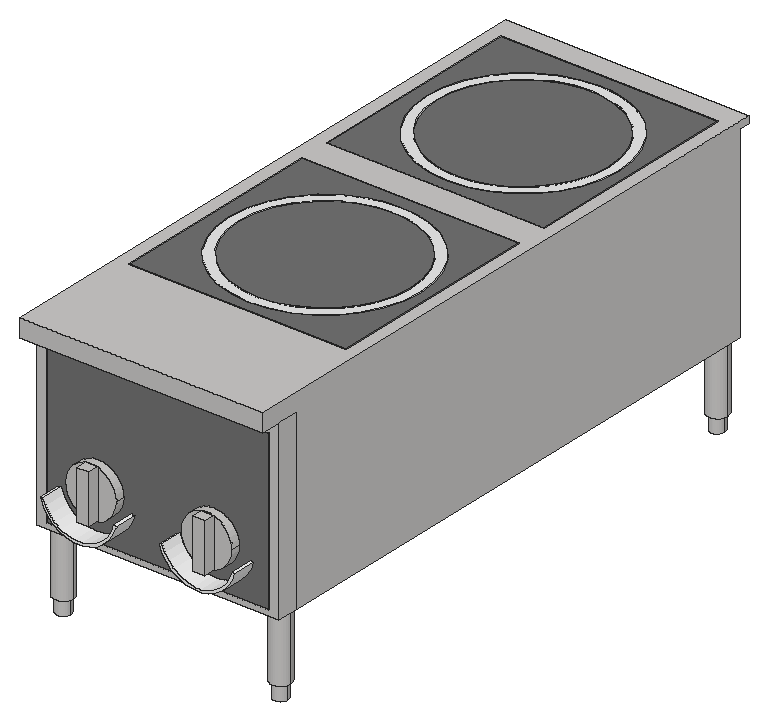
Revit family "QF_Vollrath_912HIMC", category Specialty Equipment, Revit 2016
Family settings
  Part Type = Normal
  Round Connector Dimension = Use Diameter
  OmniClass Number = 23.40.40.11.21
  OmniClass Title = Hot Cabinets
  Work Plane-Based = No
  Always vertical = Yes
  Cut with Voids When Loaded = No
  Shared = No
  Room Calculation Point = No
Parameters (values of type "240V")
  Weight in Pounds = 47
  Watts = 5800 W
  Watermarked By = "http://revitwatermark.com"
  Volts = 240 V
  URL Cutsheet = ""
  URL = "www.vollrathco.com"
  Status [instance] = ""
  Specification by User [instance] = ""
  Specification by Manufacturer = ""
  Serial Number [instance] = ""
  Seismic Rating [instance] = ""
  Revision Code [instance] = ""
  Phase = 1
  Number of Poles [instance] = 1
  NAFEM Spec ID Number [instance] = ""
  Model = "912HIMC"
  Masterspec = ""
  Manufacturer = "Vollrath"
  Item Number [instance] = ""
  Installed By [instance] = ""
  Height AFF [instance] = 36.00"
  Furnished By [instance] = ""
  Foodservice Equipment Identifier [instance] = yes
  FL Amps = 24 A
  Electrical Remarks [instance] = "DEDICATED CIRCUIT"
  Electric Connection Type [instance] = ""
  Elec Conn RI Height [instance] = 0.00"
  Elec Conn Connection Height = 6.00"
  Description = "Induction Hot Plate"
  Cycle = 60 Hz
  Conn Plug = "NEMA 6-30P"
  CSI MasterFormat = "11 42 13"
  Assembly Code = "E1090320"
  Apparent Power = if(Phase = 3, Volts * FL Amps * 1.73, Volts * FL Amps)  # 5760 VA
Types (2): name | Watts | Volts | Apparent Power
  208V | 5000 W | 208 V | 4992 VA
  240V | 5800 W | 240 V | 5760 VA
Reference planes (in)
  plane 1: z = 0
  plane 2 "LEFT": x = 48
  plane 3 "BACK": y = -48
  plane 4 "BOTTOM": z = 36
  plane 5 "RIGHT": x = 60
  plane 6 "FRONT": y = -78
  plane 7: z = 26.5796
  plane 8 "TOP": z = 49.625
  plane 9: y = -47.5
  plane 10: x = 56.69695
  plane 11: x = 60.5
  plane 12: x = 47.5
  plane 13: y = -48.5
  plane 14: y = -77
  plane 15: x = 48.5
  plane 16: x = 59.5
  plane 17: z = 36.75
  plane 18: z = 40
  plane 19: x = 59.37
  plane 20: x = 48.63
  plane 21: z = 48.75
  plane 22: z = 48.11159
  plane 23: x = 49.29917
  plane 24: x = 58.62
  plane 25: z = 40.28782
  plane 26: y = -49.08388
  plane 27: y = -59.83388
  plane 28: z = 49.26188
  plane 29: z = 37.31
  plane 30: x = 49
Forms (in)
  Extrusion 1, solid, material "QF_Finishes_Stainless Steel", not visible
    sketch origin (0, -75.61667, 13.94238) x (-1, 0, 0) y (0, 0.422618, 0.906308)
      loop
        line (-61.50401, 16.83949) -> (-49.55058, 16.83949) -> (-49.55058, 21.54291) -> (-61.50401, 21.54291) -> (-61.50401, 16.83949)
      loop
        circle (-51.11798, 19.07879) r 1.25
      loop
        circle (-51.11798, 19.07879) r 1
      loop
        line (-54.03077, 21.06689) -> (-57.03077, 21.06689) -> (-57.03077, 20.31689) -> (-54.03077, 20.31689) -> (-54.03077, 21.06689)
      loop
        circle (-54.03077, 17.5068) r 0.25
      loop
        circle (-56.78077, 17.5068) r 0.25
    from 0 to 0.68909
  Extrusion 2, solid, material "QF_Finishes_Black", not visible
    sketch origin (0, -75.54289, 2.05167) x (-1, 0, 0) y (0, 0.422618, 0.906308)
      loop
        circle (-51.11798, 29.82425) r 1.25
      loop
        circle (-51.11798, 29.82425) r 1
    from -5.0921 to -4.40301
  Extrusion 3, solid, material "QF_Finishes_Black", not visible
    sketch origin (0, -75.78725, 14.03463) x (-1, 0, 0) y (0, 0.406737, 0.913545)
      loop
        line (-57.03077, 21.03676) -> (-57.03077, 20.35703) -> (-54.03077, 20.35703) -> (-54.03077, 21.03676) -> (-57.03077, 21.03676)
      loop
        circle (-54.03077, 17.5068) r 0.25
      loop
        circle (-56.78077, 17.5068) r 0.25
    from 0.54411 to 1.25
  Extrusion 4, solid, material "QF_Finishes_Dark Grey", not visible
    sketch origin (0, -70.09177, 5.66795) x (-1, 0, 0) y (0, 0.422618, 0.906308)
      loop
        circle (-52.11896, 26.29929) r 0.25
      loop
        circle (-53.36896, 26.29929) r 0.25
      loop
        circle (-54.61896, 26.29929) r 0.25
      loop
        circle (-55.86896, 26.29929) r 0.25
      loop
        circle (-57.11896, 26.29929) r 0.25
      loop
        circle (-58.36896, 26.29929) r 0.25
    from 7.45399 to 7.92109
  Extrusion 5, solid, material "QF_Finishes_Stainless Steel", not visible
    sketch origin (0, -61.5, 0) x (-1, 0, 0) y (0, 0, 1)
      loop
        circle (-49.14244, 32.63817) r 0.1236
    from 0 to 12
  Extrusion 6, solid, material "QF_Finishes_Stainless Steel", not visible
    sketch origin (24.25, -61.5, 0) x (-1, 0, 0) y (0, 0, 1)
      loop
        circle (-49.14244, 32.63817) r 0.1236
    from 0 to 12
  Extrusion 7, solid, material "QF_Finishes_Stainless Steel", not visible
    sketch origin (0.75781, -61.5, 0) x (-1, 0, 0) y (0, 0, 1)
      loop
        circle (-49.14244, 32.63817) r 0.1236
    from 0 to 12
  Extrusion 8, solid, material "QF_Finishes_Stainless Steel", not visible
    sketch origin (1.51562, -61.5, 0) x (-1, 0, 0) y (0, 0, 1)
      loop
        circle (-49.14244, 32.63817) r 0.1236
    from 0 to 12
  Extrusion 9, solid, material "QF_Finishes_Stainless Steel", not visible
    sketch origin (2.27344, -61.5, 0) x (-1, 0, 0) y (0, 0, 1)
      loop
        circle (-49.14244, 32.63817) r 0.1236
    from 0 to 12
  Extrusion 10, solid, material "QF_Finishes_Stainless Steel", not visible
    sketch origin (3.03125, -61.5, 0) x (-1, 0, 0) y (0, 0, 1)
      loop
        circle (-49.14244, 32.63817) r 0.1236
    from 0 to 12
  Extrusion 11, solid, material "QF_Finishes_Stainless Steel", not visible
    sketch origin (3.78906, -61.5, 0) x (-1, 0, 0) y (0, 0, 1)
      loop
        circle (-49.14244, 32.63817) r 0.1236
    from 0 to 12
  Extrusion 12, solid, material "QF_Finishes_Stainless Steel", not visible
    sketch origin (4.54687, -61.5, 0) x (-1, 0, 0) y (0, 0, 1)
      loop
        circle (-49.14244, 32.63817) r 0.1236
    from 0 to 12
  Extrusion 13, solid, material "QF_Finishes_Stainless Steel", not visible
    sketch origin (5.30469, -61.5, 0) x (-1, 0, 0) y (0, 0, 1)
      loop
        circle (-49.14244, 32.63817) r 0.1236
    from 0 to 12
  Extrusion 14, solid, material "QF_Finishes_Stainless Steel", not visible
    sketch origin (6.0625, -61.5, 0) x (-1, 0, 0) y (0, 0, 1)
      loop
        circle (-49.14244, 32.63817) r 0.1236
    from 0 to 12
  Extrusion 15, solid, material "QF_Finishes_Stainless Steel", not visible
    sketch origin (6.82031, -61.5, 0) x (-1, 0, 0) y (0, 0, 1)
      loop
        circle (-49.14244, 32.63817) r 0.1236
    from 0 to 12
  Extrusion 16, solid, material "QF_Finishes_Stainless Steel", not visible
    sketch origin (7.57812, -61.5, 0) x (-1, 0, 0) y (0, 0, 1)
      loop
        circle (-49.14244, 32.63817) r 0.1236
    from 0 to 12
  Extrusion 17, solid, material "QF_Finishes_Stainless Steel", not visible
    sketch origin (8.33594, -61.5, 0) x (-1, 0, 0) y (0, 0, 1)
      loop
        circle (-49.14244, 32.63817) r 0.1236
    from 0 to 12
  Extrusion 18, solid, material "QF_Finishes_Stainless Steel", not visible
    sketch origin (9.09375, -61.5, 0) x (-1, 0, 0) y (0, 0, 1)
      loop
        circle (-49.14244, 32.63817) r 0.1236
    from 0 to 12
  Extrusion 19, solid, material "QF_Finishes_Stainless Steel", not visible
    sketch origin (9.85156, -61.5, 0) x (-1, 0, 0) y (0, 0, 1)
      loop
        circle (-49.14244, 32.63817) r 0.1236
    from 0 to 12
  Extrusion 20, solid, material "QF_Finishes_Stainless Steel", not visible
    sketch origin (10.60937, -61.5, 0) x (-1, 0, 0) y (0, 0, 1)
      loop
        circle (-49.14244, 32.63817) r 0.1236
    from 0 to 12
  Extrusion 21, solid, material "QF_Finishes_Stainless Steel", not visible
    sketch origin (11.36719, -61.5, 0) x (-1, 0, 0) y (0, 0, 1)
      loop
        circle (-49.14244, 32.63817) r 0.1236
    from 0 to 12
  Extrusion 22, solid, material "QF_Finishes_Stainless Steel", not visible
    sketch origin (12.125, -61.5, 0) x (-1, 0, 0) y (0, 0, 1)
      loop
        circle (-49.14244, 32.63817) r 0.1236
    from 0 to 12
  Extrusion 23, solid, material "QF_Finishes_Stainless Steel", not visible
    sketch origin (12.88281, -61.5, 0) x (-1, 0, 0) y (0, 0, 1)
      loop
        circle (-49.14244, 32.63817) r 0.1236
    from 0 to 12
  Extrusion 24, solid, material "QF_Finishes_Stainless Steel", not visible
    sketch origin (13.64062, -61.5, 0) x (-1, 0, 0) y (0, 0, 1)
      loop
        circle (-49.14244, 32.63817) r 0.1236
    from 0 to 12
  Extrusion 25, solid, material "QF_Finishes_Stainless Steel", not visible
    sketch origin (14.39844, -61.5, 0) x (-1, 0, 0) y (0, 0, 1)
      loop
        circle (-49.14244, 32.63817) r 0.1236
    from 0 to 12
  Extrusion 26, solid, material "QF_Finishes_Stainless Steel", not visible
    sketch origin (15.15625, -61.5, 0) x (-1, 0, 0) y (0, 0, 1)
      loop
        circle (-49.14244, 32.63817) r 0.1236
    from 0 to 12
  Extrusion 27, solid, material "QF_Finishes_Stainless Steel", not visible
    sketch origin (15.91406, -61.5, 0) x (-1, 0, 0) y (0, 0, 1)
      loop
        circle (-49.14244, 32.63817) r 0.1236
    from 0 to 12
  Extrusion 28, solid, material "QF_Finishes_Stainless Steel", not visible
    sketch origin (16.67187, -61.5, 0) x (-1, 0, 0) y (0, 0, 1)
      loop
        circle (-49.14244, 32.63817) r 0.1236
    from 0 to 12
  Extrusion 29, solid, material "QF_Finishes_Stainless Steel", not visible
    sketch origin (17.42969, -61.5, 0) x (-1, 0, 0) y (0, 0, 1)
      loop
        circle (-49.14244, 32.63817) r 0.1236
    from 0 to 12
  Extrusion 30, solid, material "QF_Finishes_Stainless Steel", not visible
    sketch origin (18.1875, -61.5, 0) x (-1, 0, 0) y (0, 0, 1)
      loop
        circle (-49.14244, 32.63817) r 0.1236
    from 0 to 12
  Extrusion 31, solid, material "QF_Finishes_Stainless Steel", not visible
    sketch origin (18.94531, -61.5, 0) x (-1, 0, 0) y (0, 0, 1)
      loop
        circle (-49.14244, 32.63817) r 0.1236
    from 0 to 12
  Extrusion 32, solid, material "QF_Finishes_Stainless Steel", not visible
    sketch origin (19.70312, -61.5, 0) x (-1, 0, 0) y (0, 0, 1)
      loop
        circle (-49.14244, 32.63817) r 0.1236
    from 0 to 12
  Extrusion 33, solid, material "QF_Finishes_Stainless Steel", not visible
    sketch origin (20.46094, -61.5, 0) x (-1, 0, 0) y (0, 0, 1)
      loop
        circle (-49.14244, 32.63817) r 0.1236
    from 0 to 12
  Extrusion 34, solid, material "QF_Finishes_Stainless Steel", not visible
    sketch origin (21.21875, -61.5, 0) x (-1, 0, 0) y (0, 0, 1)
      loop
        circle (-49.14244, 32.63817) r 0.1236
    from 0 to 12
  Extrusion 35, solid, material "QF_Finishes_Stainless Steel", not visible
    sketch origin (21.97656, -61.5, 0) x (-1, 0, 0) y (0, 0, 1)
      loop
        circle (-49.14244, 32.63817) r 0.1236
    from 0 to 12
  Extrusion 36, solid, material "QF_Finishes_Stainless Steel", not visible
    sketch origin (22.73437, -61.5, 0) x (-1, 0, 0) y (0, 0, 1)
      loop
        circle (-49.14244, 32.63817) r 0.1236
    from 0 to 12
  Extrusion 37, solid, material "QF_Finishes_Stainless Steel", not visible
    sketch origin (23.49219, -61.5, 0) x (-1, 0, 0) y (0, 0, 1)
      loop
        circle (-49.14244, 32.63817) r 0.1236
    from 0 to 12
  Extrusion 38, solid, material "QF_Finishes_Stainless Steel", not visible
    sketch origin (0, -63.31853, -5.50809) x (1, 0, 0) y (0, 0.5, 0.866025)
      loop
        line (47.2877, 27.93) -> (47.2877, 25.68) -> (63.33689, 25.68) -> (63.33689, 27.93) -> (47.2877, 27.93)
      loop
        line (47.47803, 27.77623) -> (47.47803, 25.78901) -> (63.1877, 25.78901) -> (63.1877, 27.77623) -> (47.47803, 27.77623)
    from 18.14569 to 18.5
  Extrusion 39, solid, material "QF_Finishes_Stainless Steel", not visible
    sketch origin (0, -63.31853, -5.50809) x (1, 0, 0) y (0, 0.5, 0.866025)
      loop
        line (47.2877, 27.77623) -> (47.2877, 25.78901) -> (63.1877, 25.78901) -> (63.1877, 27.77623) -> (47.2877, 27.77623)
      loop
        line (47.47803, 27.66901) -> (47.47803, 25.91901) -> (63.08313, 25.91901) -> (63.08313, 27.66901) -> (47.47803, 27.66901)
    from 18.14569 to 18.5
  Extrusion 40, solid, material "QF_Finishes_Stainless Steel", not visible
    sketch origin (3, -63.31853, -5.50809) x (1, 0, 0) y (0, 0.5, 0.866025)
      loop
        line (55.07331, 27.05441) -> (55.07331, 26.55441) -> (56.82331, 26.55441) -> (56.82331, 27.05441) -> (55.07331, 27.05441)
      loop
        circle (53.94695, 26.80981) r 0.25
      loop
        circle (57.87771, 26.79276) r 0.25
      loop
        circle (59.12771, 26.79276) r 0.25
    from 18.14569 to 18.5
  Extrusion 41, solid, material "QF_Finishes_Stainless Steel", not visible
    sketch origin (0, -63.31853, -5.50809) x (1, 0, 0) y (0, 0.5, 0.866025)
      loop
        circle (56.94695, 26.80981) r 0.25
      loop
        circle (60.87771, 26.79276) r 0.25
      loop
        line (58.07331, 27.05441) -> (58.07331, 26.55441) -> (59.82331, 26.55441) -> (59.82331, 27.05441) -> (58.07331, 27.05441)
      loop
        circle (62.12771, 26.79276) r 0.25
    from 18.14569 to 18.5
  Extrusion 42, solid, material "QF_Finishes_Dark Grey", not visible
    sketch origin (0, -63.81619, -5.29253) x (1, 0, 0) y (0, 0.5, 0.866025)
      loop
        line (47.47803, 25.98116) -> (63.08313, 25.98116) -> (63.08313, 27.73116) -> (47.47803, 27.73116) -> (47.47803, 25.98116)
      loop
        circle (62.11833, 26.8549) r 0.25
      loop
        circle (60.86833, 26.8549) r 0.25
      loop
        line (59.81393, 26.61655) -> (59.81393, 27.11655) -> (58.06393, 27.11655) -> (58.06393, 26.61655) -> (59.81393, 26.61655)
      loop
        circle (56.93757, 26.87196) r 0.25
    from 17.96123 to 17.60693
  Extrusion 43, solid, material "QF_Finishes_Stainless Steel", not visible
    sketch origin (-4.5, -63.31853, -5.50809) x (1, 0, 0) y (0, 0.5, 0.866025)
      loop
        line (55.07331, 27.05441) -> (55.07331, 26.55441) -> (56.82331, 26.55441) -> (56.82331, 27.05441) -> (55.07331, 27.05441)
      loop
        circle (53.94695, 26.80981) r 0.25
      loop
        circle (57.87771, 26.79276) r 0.25
      loop
        circle (59.12771, 26.79276) r 0.25
    from 18.14569 to 18.5
  Extrusion 44, solid, material "QF_Finishes_Stainless Steel", not visible
    sketch origin (-7.5, -63.31853, -5.50809) x (1, 0, 0) y (0, 0.5, 0.866025)
      loop
        circle (56.94695, 26.80981) r 0.25
      loop
        circle (60.87771, 26.79276) r 0.25
      loop
        line (58.07331, 27.05441) -> (58.07331, 26.55441) -> (59.82331, 26.55441) -> (59.82331, 27.05441) -> (58.07331, 27.05441)
      loop
        circle (62.12771, 26.79276) r 0.25
    from 18.14569 to 18.76495
  Extrusion 45, solid, material "QF_Finishes_Stainless Steel"
    sketch origin (0.13, -0.63, 0) x (1, 0, 0) y (0, 1, 0)
      loop
        circle (48.5, -48.5) r 0.5
    from 40 to 36.75
  Extrusion 46, solid, material "QF_Finishes_Stainless Steel"
    sketch origin (0.13, 27.62, 0) x (1, 0, 0) y (0, 1, 0)
      loop
        circle (48.5, -76.75) r 0.35
    from 36.75 to 36
  Extrusion 47, solid, material "QF_Finishes_Dark Grey"
    sketch origin (0, -48, 0) x (1, 0, 0) y (0, 0, 1)
      loop
        line (48.5, 48.11159) -> (48.5, 40.28782) -> (59.5, 40.28782) -> (59.5, 48.11159) -> (48.5, 48.11159)
      loop
        circle (56.77195, 42.59648) r 1.25
      loop
        circle (51.05266, 42.72721) r 1.25
    from 28 to 29
  Extrusion 48, solid, material "QF_Finishes_Stainless Steel"
    sketch origin (48, 0, 0) x (0, 1, 0) y (0, 0, 1)
      loop
        line (-76, 49.26188) -> (-78, 49.26188) -> (-78, 48.75) -> (-76, 48.75) -> (-76, 49.26188)
    from 0 to 12
  Extrusion 49, solid, material "QF_Finishes_Stainless Steel"
    sketch origin (0, 0, 0) x (1, 0, 0) y (0, 1, 0)
      loop
        line (60, -48) -> (48, -48) -> (48, -78) -> (60, -78) -> (60, -48)
      loop
        line (48.63, -49.08388) -> (48.63, -59.83388) -> (59.37, -59.83388) -> (59.37, -49.08388) -> (48.63, -49.08388)
      loop
        line (48.63, -61.36797) -> (48.63, -72.08388) -> (59.37, -72.08388) -> (59.37, -61.36797) -> (48.63, -61.36797)
    from 49.26188 to 49.625
  Extrusion 50, solid, material "QF_Finishes_Stainless Steel"
    sketch origin (0, -48, 0) x (1, 0, 0) y (0, 0, 1)
      loop
        circle (51.05266, 42.72721) r 1.25
      loop
        circle (56.77195, 42.59648) r 1.25
    from 29 to 29.43796
  Extrusion 51, solid, material "QF_Finishes_Stainless Steel"
    sketch origin (0, -48, 0) x (1, 0, 0) y (0, 0, 1)
      loop
        line (50.81135, 43.97614) -> (50.81135, 41.54865) -> (51.39731, 41.54865) -> (51.39731, 43.97614) -> (50.81135, 43.97614)
      loop
        line (56.53635, 43.82407) -> (56.53635, 41.39658) -> (57.12231, 41.39658) -> (57.12231, 43.82407) -> (56.53635, 43.82407)
    from 29.43796 to 30
  Sweep 52, solid, material "QF_Finishes_Chrome"
    path origin (-1.5, -48, 0) x (1, 0, 0) y (0, 0, 1)
      loop
        arc (50.59258, 42.10378) -> (52.46758, 40.66857) -> (54.34258, 42.10378) r 1.94238
    profile origin (50.96758, -48, 40.66857) x (0, 0, 1) y (0, -1, 0)
      loop
        line (0, 29) -> (0.12046, 29) -> (0.12046, 30.11132) -> (0, 30.11132) -> (0, 29)
  Sweep 53, solid, material "QF_Finishes_Chrome"
    path origin (8.27756, -48, 0) x (1, 0, 0) y (0, 0, 1)
      loop
        arc (46.69258, 42.10378) -> (48.56758, 40.66857) -> (50.44258, 42.10378) r 1.94238
    profile origin (56.84514, -48, 40.66857) x (0, 0, 1) y (0, -1, 0)
      loop
        line (0, 29) -> (0.12046, 29) -> (0.12046, 30.11132) -> (0, 30.11132) -> (0, 29)
  Extrusion 54, solid, material "QF_Finishes_Dark Grey"
    sketch origin (0, 0, 0) x (1, 0, 0) y (0, 1, 0)
      loop
        line (48.63, -49.08388) -> (48.63, -59.83388) -> (59.37, -59.83388) -> (59.37, -49.08388) -> (48.63, -49.08388)
      loop
        line (48.63, -61.36797) -> (48.63, -72.08388) -> (59.37, -72.08388) -> (59.37, -61.36797) -> (48.63, -61.36797)
      loop
        circle (54.07471, -54.51988) r 4.75
      loop
        circle (54.07471, -54.51988) r 4.25
      loop
        circle (54.07471, -66.76988) r 4.75
      loop
        circle (54.07471, -66.76988) r 4.25
    from 49.26188 to 49.625
  Extrusion 55, solid, material "QF_Finishes_White"
    sketch origin (0, 0, 0) x (1, 0, 0) y (0, 1, 0)
      loop
        circle (54.07471, -54.51988) r 4.75
      loop
        circle (54.07471, -54.51988) r 4.25
      loop
        circle (54.07471, -66.76988) r 4.75
      loop
        circle (54.07471, -66.76988) r 4.25
    from 49.26188 to 49.625
  Extrusion 56, solid, material "QF_Finishes_Stainless Steel"
    sketch origin (0, -48, 0) x (1, 0, 0) y (0, 0, 1)
      loop
        line (48, 48.75) -> (48, 40) -> (60, 40) -> (60, 48.75) -> (48, 48.75)
      loop
        line (59.5, 48.11159) -> (48.5, 48.11159) -> (48.5, 40.28782) -> (59.5, 40.28782) -> (59.5, 48.11159)
    from 28 to 29
  Extrusion 57, solid, material "QF_Finishes_Stainless Steel"
    sketch origin (10.88, -0.63, 0) x (1, 0, 0) y (0, 1, 0)
      loop
        circle (48.5, -48.5) r 0.5
    from 40 to 36.75
  Extrusion 58, solid, material "QF_Finishes_Stainless Steel"
    sketch origin (10.88, 27.62, 0) x (1, 0, 0) y (0, 1, 0)
      loop
        circle (48.5, -76.75) r 0.35
    from 36.75 to 36
  Extrusion 59, solid, material "QF_Finishes_Stainless Steel"
    sketch origin (10.88, -27.63, 0) x (1, 0, 0) y (0, 1, 0)
      loop
        circle (48.5, -48.5) r 0.5
    from 40 to 36.75
  Extrusion 60, solid, material "QF_Finishes_Stainless Steel"
    sketch origin (10.88, 0.62, 0) x (1, 0, 0) y (0, 1, 0)
      loop
        circle (48.5, -76.75) r 0.35
    from 36.75 to 36
  Extrusion 61, solid, material "QF_Finishes_Stainless Steel"
    sketch origin (0.13, -27.63, 0) x (1, 0, 0) y (0, 1, 0)
      loop
        circle (48.5, -48.5) r 0.5
    from 40 to 36.75
  Extrusion 62, solid, material "QF_Finishes_Stainless Steel"
    sketch origin (0.13, 0.62, 0) x (1, 0, 0) y (0, 1, 0)
      loop
        circle (48.5, -76.75) r 0.35
    from 36.75 to 36
  Extrusion 63, solid, material "QF_Finishes_Clearances", detail levels coarse
    sketch origin (0, 0, 0) x (1, 0, 0) y (0, 1, 0)
      loop
        line (47.5, -78) -> (48, -78) -> (48, -48) -> (60, -48) -> (60, -78) -> (60.5, -78) -> (60.5, -47.5) -> (47.5, -47.5) -> (47.5, -78)
    from 36 to 49.625
  Extrusion 64, solid, material "QF_Finishes_Stainless Steel"
    sketch origin (0, -48, 0) x (1, 0, 0) y (0, 0, 1)
      loop
        circle (49, 41) r 0.25
    from 0.5 to 0.19416
  Extrusion 65, solid, material "QF_Finishes_Stainless Steel"
    sketch origin (48, 0, 0) x (0, 1, 0) y (0, 0, 1)
      loop
        line (-76, 49.26188) -> (-76, 40) -> (-48.5, 40) -> (-48.5, 49.26188) -> (-76, 49.26188)
    from 0 to 12
Cuts and joins
  joined: Extrusion 48, Extrusion 49, Extrusion 65
Lines and regions (in)
  symbolic lines
    curve 1: line (48, -78, 0) -> (60, -78, 0)
    curve 2: line (60, -78, 0) -> (60, -48, 0)
    curve 3: line (48, -48, 0) -> (48, -78, 0)
    curve 4: line (60, -48, 0) -> (48, -48, 0)
    curve 5: line (59.37, -49.08388, 0) -> (48.63, -49.08388, 0)
    curve 6: line (48.63, -49.08388, 0) -> (48.63, -59.83388, 0)
    curve 7: arc (58.82471, -54.51988, 0) -> (54.07471, -49.76988, 0) -> (49.32471, -54.51988, 0) r 4.75
    curve 8: arc (49.82471, -54.51988, 0) -> (54.07471, -50.26988, 0) -> (58.32471, -54.51988, 0) r 4.25
    curve 9: arc (58.32471, -54.51988, 0) -> (54.07471, -58.76988, 0) -> (49.82471, -54.51988, 0) r 4.25
    curve 10: arc (49.32471, -54.51988, 0) -> (54.07471, -59.26988, 0) -> (58.82471, -54.51988, 0) r 4.75
    curve 11: line (59.37, -59.83388, 0) -> (59.37, -49.08388, 0)
    curve 12: line (48.63, -59.83388, 0) -> (59.37, -59.83388, 0)
    curve 13: line (59.37, -72.08388, 0) -> (59.37, -61.36797, 0)
    curve 14: line (59.37, -61.36797, 0) -> (48.63, -61.36797, 0)
    curve 15: arc (58.32471, -66.76988, 0) -> (54.07471, -62.51988, 0) -> (49.82471, -66.76988, 0) r 4.25
    curve 16: line (48.63, -61.36797, 0) -> (48.63, -72.08388, 0)
    curve 17: arc (58.32471, -66.76988, 0) -> (54.07471, -71.01988, 0) -> (49.82471, -66.76988, 0) r 4.25
    curve 18: arc (49.32471, -66.76988, 0) -> (54.07471, -71.51988, 0) -> (58.82471, -66.76988, 0) r 4.75
    curve 19: line (48.63, -72.08388, 0) -> (59.37, -72.08388, 0)
    curve 20: line (48, -77, 0) -> (60, -77, 0)
    curve 21: arc (58.82471, -66.76988, 0) -> (54.07471, -62.01988, 0) -> (49.32471, -66.76988, 0) r 4.75
  symbolic lines, style "QF_Clearances"
    curve 22: line (47.5, -78, 0) -> (47.5, -47.5, 0)
    curve 23: line (47.5, -47.5, 0) -> (60.5, -47.5, 0)
    curve 24: line (60.5, -47.5, 0) -> (60.5, -78, 0)
Dimensions and locks (in)
  "Height AFF": plane 4 "BOTTOM" to level
  plane 6 "FRONT" to plane 3 "BACK" = 30.00"
  plane 3 "BACK" to plane 9 = 0.50"
  plane 9 to plane 13 = 1.00"
  plane 12 to plane 15 = 1.00"
  locked: plane 14 to plane 6 "FRONT" at 1
  locked: plane 17 to plane 4 "BOTTOM" at 0.75
  locked: plane 18 to plane 17 at 3.25
  plane 26 to plane 27 = 10.75"
  locked: plane 25 to plane 18 at 0.28782
  locked: plane 22 to plane 25 at 7.82377
  locked: plane 21 to plane 22 at 0.63841
  locked: plane 8 "TOP" to plane 21 at 0.875
  locked: plane 28 to plane 8 "TOP" at 0.36312
  locked: plane 5 "RIGHT" to plane 11 at 0.5
  locked: plane 16 to plane 5 "RIGHT" at 0.5
  locked: plane 19 to plane 16 at 0.13
  locked: plane 24 to plane 19 at 0.75
  plane 2 "LEFT" to plane 5 "RIGHT" = 12.00"
  plane 3 "BACK" to Extrusion 63 = 30.00"
  locked: Extrusion 64 sketch curve to plane 18 at 1
  aligned and locked: level to plane 1
  aligned and locked: Extrusion 2 sketch curve to Extrusion 1  (x4)
  aligned and locked: Extrusion 39 sketch curve to Extrusion 38
  aligned and locked: Extrusion 38 to Extrusion 39 sketch curve
  aligned and locked: Extrusion 41 sketch curve to Extrusion 40  (x2)
  aligned and locked: Extrusion 39 to Extrusion 42 sketch curve
  aligned and locked: Extrusion 42 sketch curve to Extrusion 39
  aligned and locked: Extrusion 41 to Extrusion 42 sketch curve
  aligned and locked: Extrusion 42 sketch curve to Extrusion 41
  aligned and locked: Extrusion 44 sketch curve to Extrusion 43  (x2)
  aligned: Extrusion 46 to plane 17
  aligned: Extrusion 45 to Extrusion 46
  aligned: plane 18 to Extrusion 46
  aligned and locked: Extrusion 48 sketch curve to plane 21
  aligned and locked: Extrusion 48 sketch curve to plane 6 "FRONT"
  aligned and locked: Extrusion 49 sketch curve to cut or joined group of Extrusion 48, Extrusion 49, Extrusion 65  (x3)
  aligned and locked: plane 8 "TOP" to Extrusion 49
  aligned and locked: Extrusion 49 to cut or joined group of Extrusion 48, Extrusion 49, Extrusion 65
  aligned and locked: plane 19 to Extrusion 49  (x2)
  aligned and locked: Extrusion 49 to plane 26
  aligned and locked: plane 20 to Extrusion 49  (x2)
  aligned and locked: plane 27 to Extrusion 49
  aligned and locked: plane 5 "RIGHT" to cut or joined group of Extrusion 48, Extrusion 49, Extrusion 65
  aligned and locked: plane 19 to cut or joined group of Extrusion 48, Extrusion 49, Extrusion 65  (x2)
  aligned and locked: plane 5 "RIGHT" to Extrusion 48
  aligned and locked: Extrusion 47 to plane 16
  aligned and locked: plane 28 to Extrusion 49
  aligned: Extrusion 45 to plane 4 "BOTTOM"
  aligned and locked: Extrusion 50 sketch curve to Extrusion 47  (x4)
  aligned and locked: Extrusion 54 sketch curve to cut or joined group of Extrusion 48, Extrusion 49, Extrusion 65  (x8)
  aligned and locked: Extrusion 55 sketch curve to Extrusion 54  (x8)
  aligned and locked: plane 8 "TOP" to Extrusion 54
  aligned and locked: cut or joined group of Extrusion 48, Extrusion 49, Extrusion 65 to Extrusion 54
  aligned and locked: plane 8 "TOP" to Extrusion 55
  aligned and locked: cut or joined group of Extrusion 48, Extrusion 49, Extrusion 65 to Extrusion 55
  aligned and locked: Extrusion 56 sketch curve to plane 21
  aligned and locked: Extrusion 56 sketch curve to Extrusion 47  (x4)
  aligned and locked: Extrusion 56 to Extrusion 47
  aligned and locked: Extrusion 46 to Extrusion 45
  aligned and locked: Extrusion 46 to plane 4 "BOTTOM"
  aligned and locked: Extrusion 58 to Extrusion 57
  aligned and locked: Extrusion 60 to Extrusion 59
  aligned: Extrusion 62 to Extrusion 61
  aligned and locked: plane 17 to Extrusion 46
  aligned and locked: plane 18 to Extrusion 45
  aligned and locked: plane 18 to Extrusion 61
  aligned and locked: Extrusion 61 to plane 17
  aligned and locked: plane 17 to Extrusion 62
  aligned and locked: Extrusion 62 to plane 4 "BOTTOM"
  aligned and locked: Extrusion 45 to Extrusion 59
  aligned and locked: Extrusion 59 to Extrusion 45
  aligned and locked: Extrusion 45 to Extrusion 60
  aligned and locked: Extrusion 60 to plane 4 "BOTTOM"
  aligned and locked: Extrusion 57 to Extrusion 45  (x2)
  aligned and locked: Extrusion 58 to Extrusion 45
  aligned and locked: Extrusion 58 to plane 4 "BOTTOM"
  aligned and locked: Extrusion 63 to Extrusion 46
  aligned and locked: Extrusion 63 to cut or joined group of Extrusion 48, Extrusion 49, Extrusion 65
  aligned and locked: Extrusion 65 sketch curve to cut or joined group of Extrusion 48, Extrusion 49, Extrusion 65  (x2)
  aligned and locked: plane 18 to Extrusion 65 sketch curve
  aligned and locked: Extrusion 65 sketch curve to plane 13
Automatic sketch dimensions
  Extrusion 1 sketch curve to Extrusion 1 sketch curve = 0.00"  (x5)
  Extrusion 1 sketch curve to Extrusion 1 sketch curve = 4.47324"
  Extrusion 1 sketch curve to Extrusion 1 sketch curve = 0.25"
  Extrusion 1 sketch curve to Extrusion 1 sketch curve = 3.00"
  Extrusion 1 sketch curve to Extrusion 1 sketch curve = 2.75"
  Extrusion 1 sketch curve to Extrusion 1 sketch curve = 1.56739"
  Extrusion 1 sketch curve to Extrusion 1 sketch curve = 0.66732"
  Extrusion 1 sketch curve to Extrusion 1 sketch curve = 2.2393"
  Extrusion 1 sketch curve to Extrusion 1 sketch curve = 2.81008"
  Extrusion 1 sketch curve to Extrusion 1 sketch curve = 0.75"
  Extrusion 3 sketch curve to Extrusion 3 sketch curve = 3.00"
  Extrusion 1 sketch curve to Extrusion 1 sketch curve = 2.46412"
  Extrusion 3 sketch curve to Extrusion 3 sketch curve = 0.00"  (x6)
  Extrusion 3 sketch curve to Extrusion 3 sketch curve = 0.25"  (x2)
  Extrusion 3 sketch curve to Extrusion 3 sketch curve = 2.25"
  Extrusion 3 sketch curve to Extrusion 3 sketch curve = 2.85023"
  Extrusion 3 sketch curve to Extrusion 3 sketch curve = 0.67973"
  Extrusion 1 sketch curve to Extrusion 1 sketch curve = 2.9128"
  Extrusion 4 sketch curve to Extrusion 4 sketch curve = 1.25"  (x5)
  Extrusion 4 sketch curve to Extrusion 4 sketch curve = 0.00"  (x5)
  Extrusion 38 sketch curve to Extrusion 38 sketch curve = 0.19033"
  Extrusion 38 sketch curve to Extrusion 38 sketch curve = 0.14919"
  Extrusion 38 sketch curve to Extrusion 38 sketch curve = 0.10901"
  Extrusion 38 sketch curve to Extrusion 38 sketch curve = 1.98721"
  Extrusion 38 sketch curve to Extrusion 38 sketch curve = 0.15377"
  Extrusion 39 sketch curve to Extrusion 39 sketch curve = 0.19033"
  Extrusion 39 sketch curve to Extrusion 39 sketch curve = 0.10457"
  Extrusion 39 sketch curve to Extrusion 39 sketch curve = 0.13"
  Extrusion 39 sketch curve to Extrusion 39 sketch curve = 0.10721"
  Extrusion 40 sketch curve to Extrusion 40 sketch curve = 1.0544"
  Extrusion 40 sketch curve to Extrusion 40 sketch curve = 1.25"
  Extrusion 40 sketch curve to Extrusion 40 sketch curve = 0.23835"
  Extrusion 40 sketch curve to Extrusion 40 sketch curve = 0.00"
  Extrusion 40 sketch curve to Extrusion 40 sketch curve = 0.25541"
  Extrusion 40 sketch curve to Extrusion 40 sketch curve = 0.50"
  Extrusion 41 sketch curve to Extrusion 41 sketch curve = 0.25"  (x3)
  Extrusion 41 sketch curve to Extrusion 41 sketch curve = 0.8044"
  Extrusion 41 sketch curve to Extrusion 41 sketch curve = 0.75"
  Extrusion 41 sketch curve to Extrusion 41 sketch curve = 0.23835"
  Extrusion 41 sketch curve to Extrusion 41 sketch curve = 0.00"  (x4)
  Extrusion 41 sketch curve to Extrusion 41 sketch curve = 0.24459"
  plane 10 to Extrusion 42 sketch curve = 0.00939"
  Extrusion 42 sketch curve to plane 10 = 0.24061"
  Extrusion 42 sketch curve to Extrusion 42 sketch curve = 0.8044"
  Extrusion 42 sketch curve to Extrusion 42 sketch curve = 0.25"  (x2)
  Extrusion 42 sketch curve to Extrusion 42 sketch curve = 0.75"
  Extrusion 42 sketch curve to Extrusion 42 sketch curve = 0.7148"
  Extrusion 42 sketch curve to Extrusion 42 sketch curve = 0.23835"
  Extrusion 42 sketch curve to Extrusion 42 sketch curve = 0.00"  (x3)
  Extrusion 42 sketch curve to Extrusion 42 sketch curve = 0.24459"
  Extrusion 39 sketch curve to Extrusion 39 sketch curve = 15.6051"
  Extrusion 39 sketch curve to Extrusion 39 sketch curve = 1.75"
  Extrusion 40 sketch curve to Extrusion 40 sketch curve = 1.12636"
  Extrusion 40 sketch curve to Extrusion 40 sketch curve = 1.75"
  Extrusion 41 sketch curve to Extrusion 41 sketch curve = 0.87636"
  Extrusion 41 sketch curve to Extrusion 41 sketch curve = 1.75"
  plane 10 to Extrusion 42 sketch curve = 9.21892"
  Extrusion 42 sketch curve to Extrusion 42 sketch curve = 0.87636"
  Extrusion 42 sketch curve to Extrusion 42 sketch curve = 1.75"
  Extrusion 43 sketch curve to Extrusion 43 sketch curve = 1.12636"
  Extrusion 43 sketch curve to Extrusion 43 sketch curve = 1.75"
  Extrusion 44 sketch curve to Extrusion 44 sketch curve = 0.87636"
  Extrusion 44 sketch curve to Extrusion 44 sketch curve = 1.75"
  Extrusion 38 sketch curve to Extrusion 38 sketch curve = 15.70967"
  Extrusion 43 sketch curve to Extrusion 43 sketch curve = 1.0544"
  Extrusion 43 sketch curve to Extrusion 43 sketch curve = 1.25"
  Extrusion 43 sketch curve to Extrusion 43 sketch curve = 0.23835"
  Extrusion 43 sketch curve to Extrusion 43 sketch curve = 0.00"
  Extrusion 43 sketch curve to Extrusion 43 sketch curve = 0.25541"
  Extrusion 43 sketch curve to Extrusion 43 sketch curve = 0.50"
  Extrusion 44 sketch curve to Extrusion 44 sketch curve = 0.00"  (x7)
  Extrusion 44 sketch curve to Extrusion 44 sketch curve = 0.25"  (x3)
  Extrusion 44 sketch curve to Extrusion 44 sketch curve = 0.8044"
  Extrusion 44 sketch curve to Extrusion 44 sketch curve = 0.75"
  Extrusion 44 sketch curve to Extrusion 44 sketch curve = 0.23835"
  Extrusion 44 sketch curve to Extrusion 44 sketch curve = 0.24459"
  curve 7 to curve 8 = 0.00"
  curve 7 to curve 9 = 0.00"
  curve 15 to curve 18 = 0.00"  (x2)
  curve 23 to plane 9 = 0.00"
  curve 23 to plane 12 = 0.00"
  curve 1 to plane 2 "LEFT" = 0.00"
  curve 16 to plane 20 = 0.00"
  curve 5 to plane 20 = 0.00"
  curve 12 to plane 19 = 0.00"
  curve 13 to plane 19 = 0.00"
  curve 20 to plane 5 "RIGHT" = 0.00"
  curve 24 to plane 6 "FRONT" = 0.00"
  curve 24 to plane 11 = 0.00"
  curve 1 to plane 6 "FRONT" = 0.00"
  curve 22 to plane 6 "FRONT" = 0.00"
  curve 20 to plane 14 = 0.00"
  curve 12 to plane 27 = 0.00"
  curve 11 to plane 26 = 0.00"
  plane 3 "BACK" to curve 3 = 0.00"
  plane 23 to curve 18 = 0.02554"
  plane 23 to curve 7 = 0.02554"
  curve 18 to curve 17 = 0.50"
  curve 7 to curve 9 = 0.50"
  curve 15 to curve 17 = 4.25"
  curve 8 to curve 7 = 4.25"
  plane 14 to curve 19 = 4.91612"
  curve 13 to curve 21 = 5.314"
  curve 14 to curve 6 = 1.5341"
  plane 27 to curve 7 = 5.314"
  Extrusion 45 sketch curve to plane 20 = 0.00"
  Extrusion 45 sketch curve to plane 13 = 0.63"
  Extrusion 46 sketch curve to plane 20 = 0.00"
  Extrusion 46 sketch curve to plane 13 = 0.63"
  Extrusion 47 sketch curve to plane 15 = 0.00"
  plane 16 to Extrusion 47 sketch curve = 0.00"
  Extrusion 47 sketch curve to plane 25 = 0.00"
  Extrusion 47 sketch curve to plane 22 = 0.00"
  plane 23 to Extrusion 47 sketch curve = 1.75349"
  plane 24 to Extrusion 47 sketch curve = 1.84805"
  plane 25 to Extrusion 47 sketch curve = 2.30865"
  plane 25 to Extrusion 47 sketch curve = 2.43939"
  Extrusion 49 sketch curve to plane 20 = 0.00"  (x2)
  Extrusion 49 sketch curve to plane 19 = 0.00"  (x2)
  Extrusion 49 sketch curve to plane 27 = 0.00"
  Extrusion 49 sketch curve to plane 26 = 0.00"
  plane 14 to Extrusion 49 sketch curve = 4.91612"
  Extrusion 49 sketch curve to plane 27 = 1.5341"
  plane 23 to Extrusion 51 sketch curve = 1.51218"
  Extrusion 51 sketch curve to Extrusion 51 sketch curve = 0.58597"  (x2)
  plane 24 to Extrusion 51 sketch curve = 2.08365"
  plane 25 to Extrusion 51 sketch curve = 1.10876"
  plane 25 to Extrusion 51 sketch curve = 1.26083"
  Extrusion 51 sketch curve to Extrusion 51 sketch curve = 2.42749"  (x2)
  Sweep 52 sketch curve to plane 23 = 0.20659"
  plane 23 to Sweep 52 sketch curve = 1.66841"
  plane 25 to Sweep 52 sketch curve = 1.81596"
  Sweep 52 sketch curve to Sweep 52 sketch curve = 1.875"
  Sweep 52 sketch curve to Sweep 52 sketch curve = 0.50716"
  profile plane to Sweep 52 sketch curve = 0.00"
  Sweep 52 sketch curve to profile plane = 0.12046"
  plane 3 "BACK" to Sweep 52 sketch curve = 29.00"
  Sweep 52 sketch curve to Sweep 52 sketch curve = 1.11132"
  plane 25 to Sweep 53 sketch curve = 1.81596"
  plane 24 to Sweep 53 sketch curve = 3.64986"
  plane 24 to Sweep 53 sketch curve = 1.77486"
  Sweep 53 sketch curve to plane 24 = 0.10014"
  Sweep 53 sketch curve to Sweep 53 sketch curve = 0.50716"
  profile plane to Sweep 53 sketch curve = 0.00"
  Sweep 53 sketch curve to profile plane = 0.12046"
  plane 3 "BACK" to Sweep 53 sketch curve = 29.00"
  Sweep 53 sketch curve to Sweep 53 sketch curve = 1.11132"
  Extrusion 54 sketch curve to Extrusion 54 sketch curve = 0.00"  (x4)
  plane 24 to Extrusion 54 sketch curve = 4.54529"  (x2)
  Extrusion 54 sketch curve to plane 27 = 6.936"
  plane 27 to Extrusion 54 sketch curve = 5.314"
  Extrusion 56 sketch curve to plane 2 "LEFT" = 0.00"
  Extrusion 56 sketch curve to plane 5 "RIGHT" = 0.00"
  Extrusion 57 sketch curve to plane 19 = 0.01"
  Extrusion 57 sketch curve to plane 13 = 0.63"
  Extrusion 58 sketch curve to plane 19 = 0.01"
  Extrusion 58 sketch curve to plane 13 = 0.63"
  Extrusion 59 sketch curve to plane 19 = 0.01"
  plane 14 to Extrusion 59 sketch curve = 0.87"
  Extrusion 60 sketch curve to plane 19 = 0.01"
  plane 14 to Extrusion 60 sketch curve = 0.87"
  Extrusion 61 sketch curve to plane 20 = 0.00"
  plane 14 to Extrusion 61 sketch curve = 0.87"
  Extrusion 62 sketch curve to plane 20 = 0.00"
  plane 14 to Extrusion 62 sketch curve = 0.87"
  Extrusion 63 sketch curve to plane 6 "FRONT" = 0.00"  (x2)
  Extrusion 63 sketch curve to plane 12 = 0.00"
  Extrusion 63 sketch curve to plane 2 "LEFT" = 0.00"
  plane 3 "BACK" to Extrusion 63 sketch curve = 0.00"
  Extrusion 63 sketch curve to plane 5 "RIGHT" = 0.00"
  Extrusion 63 sketch curve to plane 11 = 0.00"
  Extrusion 63 sketch curve to plane 9 = 0.00"
  Extrusion 64 sketch curve to plane 30 = 0.00"
  plane 28 to Extrusion 48 sketch curve = 0.00"
  plane 14 to Extrusion 48 sketch curve = 1.00"
  plane 3 "BACK" to Extrusion 49 sketch curve = 0.00"
  Extrusion 56 sketch curve to plane 18 = 0.00"
  radius of Extrusion 1 sketch curve = 1.25"
  radius of Extrusion 1 sketch curve = 1.00"
  radius of Extrusion 1 sketch curve = 0.25"  (x2)
  radius of Extrusion 4 sketch curve = 0.25"  (x6)
  radius of Extrusion 5 sketch curve = 0.1236"
  radius of Extrusion 6 sketch curve = 0.1236"
  radius of Extrusion 7 sketch curve = 0.1236"
  radius of Extrusion 8 sketch curve = 0.1236"
  radius of Extrusion 9 sketch curve = 0.1236"
  radius of Extrusion 10 sketch curve = 0.1236"
  radius of Extrusion 11 sketch curve = 0.1236"
  radius of Extrusion 12 sketch curve = 0.1236"
  radius of Extrusion 13 sketch curve = 0.1236"
  radius of Extrusion 14 sketch curve = 0.1236"
  radius of Extrusion 15 sketch curve = 0.1236"
  radius of Extrusion 16 sketch curve = 0.1236"
  radius of Extrusion 17 sketch curve = 0.1236"
  radius of Extrusion 18 sketch curve = 0.1236"
  radius of Extrusion 19 sketch curve = 0.1236"
  radius of Extrusion 20 sketch curve = 0.1236"
  radius of Extrusion 21 sketch curve = 0.1236"
  radius of Extrusion 22 sketch curve = 0.1236"
  radius of Extrusion 23 sketch curve = 0.1236"
  radius of Extrusion 24 sketch curve = 0.1236"
  radius of Extrusion 25 sketch curve = 0.1236"
  radius of Extrusion 26 sketch curve = 0.1236"
  radius of Extrusion 27 sketch curve = 0.1236"
  radius of Extrusion 28 sketch curve = 0.1236"
  radius of Extrusion 29 sketch curve = 0.1236"
  radius of Extrusion 30 sketch curve = 0.1236"
  radius of Extrusion 31 sketch curve = 0.1236"
  radius of Extrusion 32 sketch curve = 0.1236"
  radius of Extrusion 33 sketch curve = 0.1236"
  radius of Extrusion 34 sketch curve = 0.1236"
  radius of Extrusion 35 sketch curve = 0.1236"
  radius of Extrusion 36 sketch curve = 0.1236"
  radius of Extrusion 37 sketch curve = 0.1236"
  radius of Extrusion 40 sketch curve = 0.25"  (x3)
  radius of Extrusion 43 sketch curve = 0.25"  (x3)
  radius of Extrusion 45 sketch curve = 0.50"
  radius of Extrusion 46 sketch curve = 0.35"
  radius of Extrusion 47 sketch curve = 1.25"  (x2)
  radius of Extrusion 54 sketch curve = 4.75"  (x2)
  radius of Extrusion 54 sketch curve = 4.25"  (x2)
  radius of Extrusion 57 sketch curve = 0.50"
  radius of Extrusion 58 sketch curve = 0.35"
  radius of Extrusion 59 sketch curve = 0.50"
  radius of Extrusion 60 sketch curve = 0.35"
  radius of Extrusion 61 sketch curve = 0.50"
  radius of Extrusion 62 sketch curve = 0.35"
  radius of Extrusion 64 sketch curve = 0.25"
Connectors (in)
  electrical at (49, -48.19416, 41), driven by "Number of Poles", driven by "Volts", driven by "Apparent Power"
    settings: on Extrusion 64, index 1, voltage 240 V, apparent load 5760 VA, apparent load phase1 0 VA, apparent load phase2 0 VA, apparent load phase3 0 VA, power factor 1, load classification "Other", number of poles 1, system type 30, power factor state 1, is connector primary yes, connector utility no, sub classification motor no, connector description "Electric Connection"
